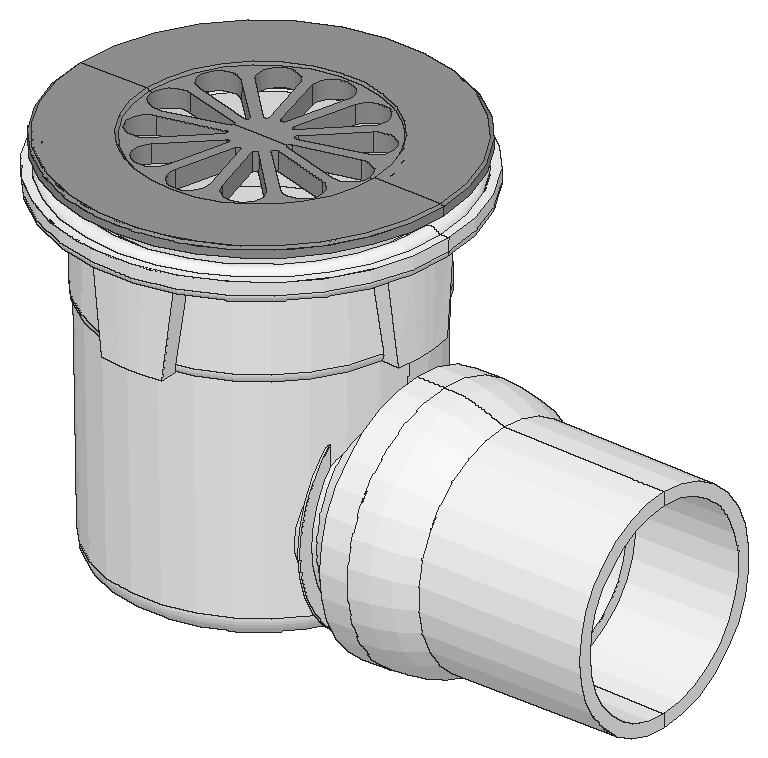
Revit family "0122.03 LRP FC EC SE50", category Plumbing Fixtures, Revit 2016
Family settings
  Part Type = Normal
  Round Connector Dimension = Use Diameter
  OmniClass Number = 23.31.27.00
  OmniClass Title = Floor Drains
  Work Plane-Based = No
  Always vertical = Yes
  Cut with Voids When Loaded = No
  Shared = No
  Room Calculation Point = No
Parameters (values of type "0122.03")
  Waste Connection = yes
  Vent Connection = no
  URL = "www.aquaknight.co.nz"
  Phone = "+6498322214"  # constant formula
  Model = "LRP FC EC SE50 – 0122.03"
  Manufacturer = "Aquanight Industries Ltd"  # constant formula
  HW Connection = no
  Email = "info@aquaknight.co.nz"  # constant formula
  Description = "DWV40 Wastetrap with chrome flat lid"
  CW Connection = no
Reference planes
  plane 1 "Center (Front/Back)": y = 0
  plane 2: z = 0
  plane 3 "Center (Left/Right)": x = 0
  plane 4: x = -12.666
  plane 5: x = -8.658
  plane 6: z = -77.913
  plane 7: x = 106.179
Forms (mm)
  Revolve 1, solid, material "Plastic, Glossy White"
    sketch origin (0, 0, 0) x (1, 0, 0) y (0, 0, 1)
      loop
        line (0, -103.328) -> (-25.107, -102.671)
        spline (-25.107, -102.671) -> (-26.971, -102.636) -> (-28.847, -102.617) -> (-30.702, -102.593) -> (-32.502, -102.544) -> (-34.215, -102.45) -> (-35.809, -102.292) -> (-37.251, -102.048) -> (-38.507, -101.699) -> (-39.546, -101.226) -> (-40.334, -100.608) -> (-40.838, -99.824) -> (-41.025, -98.856)
        line (-41.025, -98.856) -> (-42.255, -28.405) -> (-40.35, -28.405) -> (-39.919, -2.405) -> (-41.45, -2.405) -> (-41.45, 6.595) -> (-52.279, 6.595) -> (-52.279, 4.395) -> (-50.75, 3.513) -> (-46.125, 3.095)
        arc (-46.125, 3.095) -> (-44.504, 2.292) -> (-43.85, 0.606) r 2.5
        line (-43.85, 0.606) -> (-43.85, -3.399) -> (-49.924, -3.399)
        arc (-49.924, -3.399) -> (-51.565, 1.366) -> (-53.206, -3.399) r 2.665
        line (-53.206, -3.399) -> (-54.441, -3.399) -> (-54.5, 0) -> (-57, 0) -> (-56.936, -3.693)
        arc (-56.936, -3.693) -> (-56.187, -5.433) -> (-54.434, -6.149) r 2.5
        line (-54.434, -6.149) -> (-45.017, -6.149)
        spline (-45.017, -6.149) -> (-45.069, -8.251) -> (-45.119, -10.355) -> (-45.168, -12.461) -> (-45.216, -14.57) -> (-45.262, -16.68) -> (-45.306, -18.793) -> (-45.349, -20.908) -> (-45.391, -23.025) -> (-45.431, -25.143) -> (-45.469, -27.264) -> (-45.506, -29.386) -> (-45.542, -31.51)
        arc (-45.542, -31.51) -> (-45.324, -32.787) -> (-44.659, -33.899) r 3.52
        line (-44.659, -33.899) -> (-43.525, -98.899)
        spline (-43.525, -98.899) -> (-43.221, -100.675) -> (-42.455, -102.227) -> (-41.296, -103.484) -> (-39.817, -104.374) -> (-38.101, -104.811) -> (-36.258, -104.883) -> (-34.41, -104.928) -> (-32.563, -104.976) -> (-30.715, -105.025) -> (-28.868, -105.073) -> (-27.02, -105.121) -> (-25.173, -105.17)
        line (-25.173, -105.17) -> (0, -105.829) -> (0, -103.328)
      axis (0, 6.595) -> (0, -105.829)
    angle from 0 to 360
  Revolve 2, solid, material "Steel, Chrome Plated"
    sketch origin (0, 0, 0) x (1, 0, 0) y (0, 0, 1)
      loop
        line (-34, 7.988) -> (-34.6, 8.588) -> (-54.5, 8.588) -> (-55.25, 7.838) -> (-55.25, 5.588) -> (-46.4, 5.588) -> (-36.005, 6.681)
        arc (-36.005, 6.681) -> (-35.231, 6.43) -> (-34.9, 5.687) r 1
        line (-34.9, 5.687) -> (-34.9, 2.713) -> (-5.25, 2.713) -> (-5.25, 5.488) -> (0, 5.488) -> (0, 7.988) -> (-34, 7.988)
      axis (0, 8.588) -> (0, 2.713)
    angle from 0 to 360
  Revolve 3, solid, material "Plastic, Glossy White"
    sketch origin (0, 0, 0) x (1, 0, 0) y (0, 0, 1)
      loop
        line (47.393, -109.85) -> (47.393, -114.913) -> (55.703, -114.913)
        arc (55.703, -114.913) -> (64.891, -113.754) -> (73.502, -110.351) r 37
        line (73.502, -110.351) -> (122.175, -109.926) -> (122.175, -106.184) -> (91.179, -105.79) -> (91.179, -102.663) -> (86.179, -102.489) -> (86.179, -100.989) -> (79.294, -100.989)
        arc (79.294, -100.989) -> (76.835, -103.26) -> (74.159, -105.27) r 33
        line (74.159, -105.27) -> (0, -103.328) -> (0, -105.829) -> (37.644, -106.815) -> (37.717, -111.072)
        arc (37.717, -111.072) -> (38, -111.35) -> (38.283, -111.072) r 0.283
        line (38.283, -111.072) -> (38.357, -106.833) -> (39.882, -106.873)
        arc (39.882, -106.873) -> (43.546, -108.592) -> (47.393, -109.85) r 33
      axis (122.175, -77.913) -> (0, -77.913)
    angle from 0 to 360
  SweptBlend 4, solid, material "Plastic, Glossy White", detail levels fine
    path origin (0, 0, 0) x (1, 0, 0) y (0, 0, 1)
      loop
        line (0, -6.149) -> (0, -33.899)
    profile origin (0, 0, -6.149) x (0, -1, 0) y (1, 0, 0)
      loop
        arc (48.308, -12.6) -> (49.924, 0) -> (48.308, 12.6) r 49.924
        line (48.308, 12.6) -> (43.218, 12.6)
        arc (43.218, 12.6) -> (45.017, 0) -> (43.218, -12.6) r 45.017
        line (43.218, -12.6) -> (48.308, -12.6)
    end profile origin (0, 0, -33.899) x (0, -1, 0) y (1, 0, 0)
      loop
        arc (49.088, -9.1) -> (49.924, 0) -> (49.088, 9.1) r 49.924
        line (49.088, 9.1) -> (44.088, 9.1)
        arc (44.088, 9.1) -> (45.017, 0) -> (44.088, -9.1) r 45.017
        line (44.088, -9.1) -> (49.088, -9.1)
  SweptBlend 5, solid, material "Plastic, Glossy White", detail levels fine
    path origin (0, 0, 0) x (0, -1, 0) y (0, 0, 1)
      loop
        line (0, -6.149) -> (0, -33.899)
    profile origin (0, 0, -6.149) x (-1, 0, 0) y (0, -1, 0)
      loop
        arc (48.308, -12.6) -> (49.924, 0) -> (48.308, 12.6) r 49.924
        line (48.308, 12.6) -> (43.218, 12.6)
        arc (43.218, 12.6) -> (45.017, 0) -> (43.218, -12.6) r 45.017
        line (43.218, -12.6) -> (48.308, -12.6)
    end profile origin (0, 0, -33.899) x (-1, 0, 0) y (0, -1, 0)
      loop
        arc (49.088, -9.1) -> (49.924, 0) -> (49.088, 9.1) r 49.924
        line (49.088, 9.1) -> (44.088, 9.1)
        arc (44.088, 9.1) -> (45.017, 0) -> (44.088, -9.1) r 45.017
        line (44.088, -9.1) -> (49.088, -9.1)
  SweptBlend 6, solid, material "Plastic, Glossy White", detail levels fine
    path origin (0, 0, 0) x (-1, 0, 0) y (0, 0, 1)
      loop
        line (0, -6.149) -> (0, -33.899)
    profile origin (0, 0, -6.149) x (0, 1, 0) y (-1, 0, 0)
      loop
        arc (48.308, -12.6) -> (49.924, 0) -> (48.308, 12.6) r 49.924
        line (48.308, 12.6) -> (43.218, 12.6)
        arc (43.218, 12.6) -> (45.017, 0) -> (43.218, -12.6) r 45.017
        line (43.218, -12.6) -> (48.308, -12.6)
    end profile origin (0, 0, -33.899) x (0, 1, 0) y (-1, 0, 0)
      loop
        arc (49.088, -9.1) -> (49.924, 0) -> (49.088, 9.1) r 49.924
        line (49.088, 9.1) -> (44.088, 9.1)
        arc (44.088, 9.1) -> (45.017, 0) -> (44.088, -9.1) r 45.017
        line (44.088, -9.1) -> (49.088, -9.1)
  SweptBlend 7, solid, material "Plastic, Glossy White", detail levels fine
    path origin (0, 0, 0) x (0, 1, 0) y (0, 0, 1)
      loop
        line (0, -6.149) -> (0, -33.899)
    profile origin (0, 0, -6.149) x (1, 0, 0) y (0, 1, 0)
      loop
        arc (48.308, -12.6) -> (49.924, 0) -> (48.308, 12.6) r 49.924
        line (48.308, 12.6) -> (43.218, 12.6)
        arc (43.218, 12.6) -> (45.017, 0) -> (43.218, -12.6) r 45.017
        line (43.218, -12.6) -> (48.308, -12.6)
    end profile origin (0, 0, -33.899) x (1, 0, 0) y (0, 1, 0)
      loop
        arc (49.088, -9.1) -> (49.924, 0) -> (49.088, 9.1) r 49.924
        line (49.088, 9.1) -> (44.088, 9.1)
        arc (44.088, 9.1) -> (45.017, 0) -> (44.088, -9.1) r 45.017
        line (44.088, -9.1) -> (49.088, -9.1)
  Extrusion 8, void
    sketch origin (0, 0, 4) x (0, 1, 0) y (-1, 0, 0)
      loop
        arc (25.89, -5.396) -> (32.897, 0) -> (25.89, 5.396) r 5.581
        line (25.89, 5.396) -> (8.717, 0.856)
        arc (8.717, 0.856) -> (8.058, 0) -> (8.717, -0.856) r 0.886
        line (8.717, -0.856) -> (25.89, -5.396)
      loop
        arc (25.115, 8.283) -> (28.482, 16.461) -> (19.715, 17.627) r 5.581
        line (19.715, 17.627) -> (7.119, 5.104)
        arc (7.119, 5.104) -> (6.977, 4.032) -> (7.976, 3.621) r 0.886
        line (7.976, 3.621) -> (25.115, 8.283)
      loop
        arc (17.585, 19.753) -> (16.401, 28.518) -> (8.229, 25.133) r 5.581
        line (8.229, 25.133) -> (3.604, 7.984)
        arc (3.604, 7.984) -> (4.017, 6.985) -> (5.088, 7.13) r 0.886
        line (5.088, 7.13) -> (17.585, 19.753)
      loop
        arc (5.341, 25.901) -> (-0.07, 32.897) -> (-5.451, 25.878) r 5.581
        line (-5.451, 25.878) -> (-0.875, 8.715)
        arc (-0.875, 8.715) -> (-0.017, 8.058) -> (0.838, 8.719) r 0.886
        line (0.838, 8.719) -> (5.341, 25.901)
      loop
        line (-25.89, -5.396) -> (-8.717, -0.856)
        arc (-8.717, -0.856) -> (-8.058, 0) -> (-8.717, 0.856) r 0.886
        line (-8.717, 0.856) -> (-25.89, 5.396)
        arc (-25.89, 5.396) -> (-32.897, 0) -> (-25.89, -5.396) r 5.581
      loop
        line (-25.115, 8.283) -> (-7.976, 3.621)
        arc (-7.976, 3.621) -> (-6.977, 4.032) -> (-7.119, 5.104) r 0.886
        line (-7.119, 5.104) -> (-19.715, 17.627)
        arc (-19.715, 17.627) -> (-28.482, 16.461) -> (-25.115, 8.283) r 5.581
      loop
        line (-17.585, 19.753) -> (-5.088, 7.13)
        arc (-5.088, 7.13) -> (-4.017, 6.985) -> (-3.604, 7.984) r 0.886
        line (-3.604, 7.984) -> (-8.229, 25.133)
        arc (-8.229, 25.133) -> (-16.401, 28.518) -> (-17.585, 19.753) r 5.581
      loop
        line (25.115, -8.283) -> (7.976, -3.621)
        arc (7.976, -3.621) -> (6.977, -4.032) -> (7.119, -5.104) r 0.886
        line (7.119, -5.104) -> (19.715, -17.627)
        arc (19.715, -17.627) -> (28.482, -16.461) -> (25.115, -8.283) r 5.581
      loop
        line (17.585, -19.753) -> (5.088, -7.13)
        arc (5.088, -7.13) -> (4.017, -6.985) -> (3.604, -7.984) r 0.886
        line (3.604, -7.984) -> (8.229, -25.133)
        arc (8.229, -25.133) -> (16.401, -28.518) -> (17.585, -19.753) r 5.581
      loop
        line (5.341, -25.901) -> (0.838, -8.719)
        arc (0.838, -8.719) -> (-0.017, -8.058) -> (-0.875, -8.715) r 0.886
        line (-0.875, -8.715) -> (-5.451, -25.878)
        arc (-5.451, -25.878) -> (-0.07, -32.897) -> (5.341, -25.901) r 5.581
      loop
        arc (-25.115, -8.283) -> (-28.482, -16.461) -> (-19.715, -17.627) r 5.581
        line (-19.715, -17.627) -> (-7.119, -5.104)
        arc (-7.119, -5.104) -> (-6.977, -4.032) -> (-7.976, -3.621) r 0.886
        line (-7.976, -3.621) -> (-25.115, -8.283)
      loop
        arc (-17.585, -19.753) -> (-16.401, -28.518) -> (-8.229, -25.133) r 5.581
        line (-8.229, -25.133) -> (-3.604, -7.984)
        arc (-3.604, -7.984) -> (-4.017, -6.985) -> (-5.088, -7.13) r 0.886
        line (-5.088, -7.13) -> (-17.585, -19.753)
    from -7.399 to 18.251
Cuts and joins
  Extrusion 8 cuts Revolve 2
Lines and regions (mm)
  model lines, detail levels fine
    curve 1: circle (0, 0, 7.988) r 5.25 normal (0, 0, 1)
Dimensions and locks
  locked: plane 7 to plane 3 "Center (Left/Right)" at 106.179
  locked: plane 6 to connector elem at 0
  locked: connector elem to plane 1 "Center (Front/Back)" at 0
  aligned and locked: level to plane 2
  aligned and locked: Revolve 1 sketch curve to plane 3 "Center (Left/Right)"
  aligned and locked: Revolve 2 sketch curve to plane 3 "Center (Left/Right)"
Connectors
  piping at (106.179, 0, -77.913), diameter 50
    settings: on plane 7, index 1, connector inside diameter 609.6 mm, connector length 0 mm, flow factor 0, pipe flow 0.0 L/s, pressure drop 0.0 Pa, fitting loss kfactor 0, connector angle 0.00°, fixture units 0, engagement length 0 mm, angle of deflection 0.00°, flow configuration 0, flow direction 0, fitting loss method 0, system type 28, joint type 0, gender type 0, connector reference index -1, connector utility 0, adjustable connector no, is connector primary yes, connector description ""
